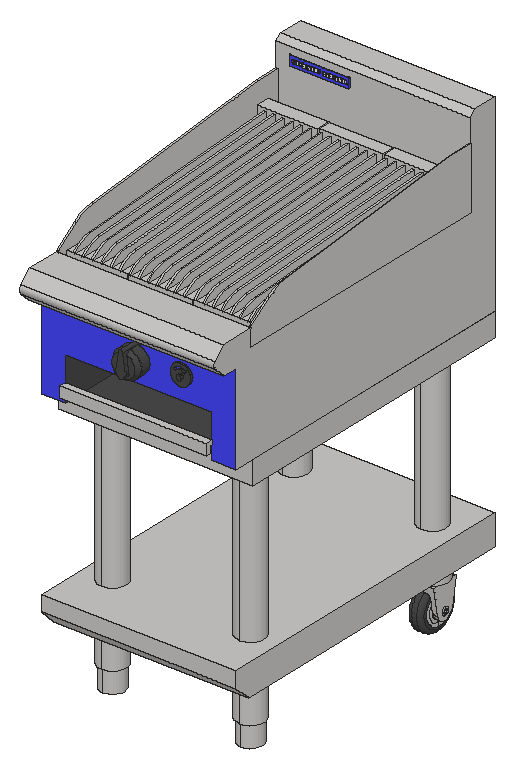
Revit family "QF_MOFFAT_BLUESEAL_AU_G593-LS", category Specialty Equipment, Revit 2012
Parameters
  Weight in Pounds = 217  # constant formula
  URL Cutsheet = "www.moffat.com"
  URL = "www.moffat.com"
  Type Mark [instance] = ""
  Status [instance] = ""
  Specification by User [instance] = ""
  Specification by Manufacturer = ""
  Show Logo [instance] = yes
  Show Casters [instance] = yes
  Serial Number = ""
  Seismic Rating = ""
  SMACNA No = ""
  Revision Code [instance] = ""
  Omniclass Number and Title = ""
  NAFEM Spec ID Number = ""
  Model = "G593-LS"
  Mechanical Remarks [instance] = ""
  Mechanical Connection Type [instance] = ""
  Masterspec = ""
  Manufacturer = "MOFFAT BLUESEAL"
  Legs [instance] = not(Show Casters)  # no
  Item Number [instance] = ""
  Installed By [instance] = ""
  Identify Quantity as Lot [instance] = yes
  Gas Size = 3/4"
  Gas RI Height [instance] = 0 mm
  Gas KW [instance] = 14
  Gas Input [instance] = 45495.0 Btu/h
  Gas Connection Height = 0 mm
  Furnished By [instance] = ""
  Foodservice Equipment Identifier [instance] = yes
  Description = "450MM GAS CHARGRILL  ON LEG STAND"
  CSI MasterFormat = ""
  CSI Master Format = ""
  Body Finish = QF_Finishes_Stainless Steel
Reference planes
  plane 1 "BACK": y = 0
  plane 2: z = 0
  plane 3 "LEFT": x = 0
  plane 4 "RIGHT": x = 450
  plane 5 "FRONT": y = -812
  plane 6 "TOP": z = 972
  plane 7 "Center Y": x = 225
  plane 8 "Center X": y = -406
  plane 9: z = 970
  plane 10: z = 1085
  plane 11: y = -100
  plane 12: y = -625
  plane 13: x = 65.5
  plane 14: x = 384.5
Forms (mm)
  Extrusion 1, solid, material "QF_Finishes_Stainless Steel" <- "Body Finish"
    sketch origin (0, 0, 0) x (0, 1, 0) y (0, 0, 1)
      loop
        line (0, 222.5) -> (-749, 222.5) -> (-749, 186) -> (-713, 150) -> (0, 150) -> (0, 222.5)
      loop
        line (0, 640) -> (0, 1085) -> (-57.5, 1085) -> (-70, 1072.5) -> (-70, 875) -> (-705, 875) -> (-705, 915) -> (-783.97, 915) -> (-808.485, 890.485)
        arc (-808.485, 890.485) -> (-811.999, 882) -> (-808.485, 873.515) r 12
        line (-808.485, 873.515) -> (-784.97, 850) -> (-749, 850) -> (-749, 640) -> (0, 640)
      loop
        line (0, 585) -> (0, 639.206) -> (-699, 639.206) -> (-699, 585) -> (0, 585)
    from 0 to 450
  Revolve 2, solid, material "QF_Finishes_Stainless Steel" <- "Body Finish"
    sketch origin (385, -735, 0) x (0, 1, 0) y (0, 0, -1)
      loop
        line (78.25, -150) -> (110, -150) -> (110, 0) -> (82.5, 0) -> (82.5, -50) -> (78.25, -50) -> (78.25, -150)
      loop
        line (78.25, -222.5) -> (78.25, -585) -> (110, -585) -> (110, -222.5) -> (78.25, -222.5)
      axis (110, -585) -> (110, 0)
    angle from 0 to 360
  Revolve 3, solid, material "QF_Finishes_Stainless Steel" <- "Body Finish"
    sketch origin (385, -210, 0) x (0, 1, 0) y (0, 0, -1)
      loop
        line (78.25, -222.5) -> (78.25, -585) -> (110, -585) -> (110, -222.5) -> (78.25, -222.5)
      axis (110, -585) -> (110, -222.5)
    angle from 0 to 360
  Revolve 4, solid, material "QF_Finishes_Stainless Steel" <- "Body Finish"
    sketch origin (65, -735, 0) x (0, 1, 0) y (0, 0, 1)
      loop
        line (78.25, 150) -> (78.25, 50) -> (82.5, 50) -> (82.5, 0) -> (110, 0) -> (110, 150) -> (78.25, 150)
      loop
        line (78.25, 222.5) -> (110, 222.5) -> (110, 585) -> (78.25, 585) -> (78.25, 222.5)
      axis (110, 585) -> (110, 0)
    angle from 0 to 360
  Revolve 5, solid, material "QF_Finishes_Stainless Steel" <- "Body Finish"
    sketch origin (65, -210, 0) x (0, 1, 0) y (0, 0, 1)
      loop
        line (78.25, 222.5) -> (110, 222.5) -> (110, 585) -> (78.25, 585) -> (78.25, 222.5)
      axis (110, 585) -> (110, 222.5)
    angle from 0 to 360
  Extrusion 6, solid, material "QF_Finishes_Stainless Steel" <- "Body Finish"
    sketch origin (0, 0, 157.388) x (0, 1, 0) y (0, 0, 1)
      loop
        line (-70, 717) -> (-70, 860.112) -> (-127.045, 860.112) -> (-604.53, 814.135)
        arc (-604.53, 814.135) -> (-629.557, 808.415) -> (-652.303, 796.511) r 100
        line (-652.303, 796.511) -> (-705, 759.612) -> (-705, 717) -> (-70, 717)
    from 0 to 4.5
  Extrusion 7, solid, material "QF_Finishes_Stainless Steel" <- "Body Finish"
    sketch origin (450, 0, 0) x (0, -1, 0) y (0, 0, 1)
      loop
        line (70, 874.388) -> (705, 874.388) -> (705, 917) -> (652.303, 953.899)
        arc (652.303, 953.899) -> (629.557, 965.803) -> (604.53, 971.523) r 100
        line (604.53, 971.523) -> (127.045, 1017.5) -> (70, 1017.5) -> (70, 874.388)
    from 0 to 3
  Revolve 8, solid, material "QF_Finishes_Black"
    sketch origin (225, 7, 155.8) x (0, 1, 0) y (0, 0, 1)
      loop
        line (-789, 671.5) -> (-800, 665.651) -> (-800, 639) -> (-756, 639) -> (-756, 644) -> (-766, 644) -> (-766, 671.5) -> (-789, 671.5)
      axis (-800, 639) -> (-756, 639)
    angle from 0 to 360
  Extrusion 9, solid, material "QF_Finishes_Black"
    sketch origin (86.887, 7, 155.8) x (1, 0, 0) y (0, 0, 1)
      loop
        line (148.532, 628.195) -> (143.111, 671.113)
        arc (143.111, 671.113) -> (138.113, 676) -> (133.114, 671.113) r 5
        line (133.114, 671.113) -> (127.625, 627.028)
        arc (127.625, 627.028) -> (138.697, 616.529) -> (148.532, 628.195) r 10.487
    from 759 to 808
  Extrusion 10, solid, material "QF_Finishes_Stainless Steel"
    sketch origin (276, 0, 158) x (0, 1, 0) y (0, 0, 1)
      loop
        line (-132, 752.364) -> (-132, 804.849) -> (-637.852, 774.53)
        arc (-637.852, 774.53) -> (-663.098, 767.97) -> (-684, 752.364) r 67.81
        line (-684, 752.364) -> (-132, 752.364)
    from 0 to 4.5
  Extrusion 11, solid, material "QF_Finishes_Stainless Steel"
    sketch origin (255, 0, 158) x (0, 1, 0) y (0, 0, 1)
      loop
        line (-132, 752.364) -> (-132, 804.849) -> (-637.852, 774.53)
        arc (-637.852, 774.53) -> (-663.098, 767.97) -> (-684, 752.364) r 67.81
        line (-684, 752.364) -> (-132, 752.364)
    from 0 to 4.5
  Extrusion 12, solid, material "QF_Finishes_Stainless Steel"
    sketch origin (234, 0, 158) x (0, 1, 0) y (0, 0, 1)
      loop
        line (-132, 752.364) -> (-132, 804.849) -> (-637.852, 774.53)
        arc (-637.852, 774.53) -> (-663.098, 767.97) -> (-684, 752.364) r 67.81
        line (-684, 752.364) -> (-132, 752.364)
    from 0 to 4.5
  Extrusion 13, solid, material "QF_Finishes_Stainless Steel"
    sketch origin (213, 0, 158) x (0, 1, 0) y (0, 0, 1)
      loop
        line (-132, 752.364) -> (-132, 804.849) -> (-637.852, 774.53)
        arc (-637.852, 774.53) -> (-663.098, 767.97) -> (-684, 752.364) r 67.81
        line (-684, 752.364) -> (-132, 752.364)
    from 0 to 4.5
  Extrusion 14, solid, material "QF_Finishes_Stainless Steel"
    sketch origin (192, 0, 158) x (0, 1, 0) y (0, 0, 1)
      loop
        line (-132, 752.364) -> (-132, 804.849) -> (-637.852, 774.53)
        arc (-637.852, 774.53) -> (-663.098, 767.97) -> (-684, 752.364) r 67.81
        line (-684, 752.364) -> (-132, 752.364)
    from 0 to 4.5
  Extrusion 15, solid, material "QF_Finishes_Stainless Steel"
    sketch origin (171, 0, 158) x (0, 1, 0) y (0, 0, 1)
      loop
        line (-132, 752.364) -> (-132, 804.849) -> (-637.852, 774.53)
        arc (-637.852, 774.53) -> (-663.098, 767.97) -> (-684, 752.364) r 67.81
        line (-684, 752.364) -> (-132, 752.364)
    from 0 to 4.5
  Extrusion 16, solid, material "QF_Finishes_Stainless Steel"
    sketch origin (150, 0, 158) x (0, 1, 0) y (0, 0, 1)
      loop
        line (-132, 752.364) -> (-132, 804.849) -> (-637.852, 774.53)
        arc (-637.852, 774.53) -> (-663.098, 767.97) -> (-684, 752.364) r 67.81
        line (-684, 752.364) -> (-132, 752.364)
    from 0 to 4.5
  Extrusion 17, solid, material "QF_Finishes_Stainless Steel"
    sketch origin (126, 0, 158) x (0, 1, 0) y (0, 0, 1)
      loop
        line (-132, 752.364) -> (-132, 804.849) -> (-637.852, 774.53)
        arc (-637.852, 774.53) -> (-663.098, 767.97) -> (-684, 752.364) r 67.81
        line (-684, 752.364) -> (-132, 752.364)
    from 0 to 4.5
  Extrusion 18, solid, material "QF_Finishes_Stainless Steel"
    sketch origin (105, 0, 158) x (0, 1, 0) y (0, 0, 1)
      loop
        line (-132, 752.364) -> (-132, 804.849) -> (-637.852, 774.53)
        arc (-637.852, 774.53) -> (-663.098, 767.97) -> (-684, 752.364) r 67.81
        line (-684, 752.364) -> (-132, 752.364)
    from 0 to 4.5
  Extrusion 19, solid, material "QF_Finishes_Stainless Steel"
    sketch origin (84, 0, 158) x (0, 1, 0) y (0, 0, 1)
      loop
        line (-132, 752.364) -> (-132, 804.849) -> (-637.852, 774.53)
        arc (-637.852, 774.53) -> (-663.098, 767.97) -> (-684, 752.364) r 67.81
        line (-684, 752.364) -> (-132, 752.364)
    from 0 to 4.5
  Extrusion 20, solid, material "QF_Finishes_Stainless Steel"
    sketch origin (63, 0, 158) x (0, 1, 0) y (0, 0, 1)
      loop
        line (-132, 752.364) -> (-132, 804.849) -> (-637.852, 774.53)
        arc (-637.852, 774.53) -> (-663.098, 767.97) -> (-684, 752.364) r 67.81
        line (-684, 752.364) -> (-132, 752.364)
    from 0 to 4.5
  Extrusion 21, solid, material "QF_Finishes_Stainless Steel"
    sketch origin (42, 0, 158) x (0, 1, 0) y (0, 0, 1)
      loop
        line (-132, 752.364) -> (-132, 804.849) -> (-637.852, 774.53)
        arc (-637.852, 774.53) -> (-663.098, 767.97) -> (-684, 752.364) r 67.81
        line (-684, 752.364) -> (-132, 752.364)
    from 0 to 4.5
  Extrusion 22, solid, material "QF_Finishes_Stainless Steel"
    sketch origin (21, 0, 158) x (0, 1, 0) y (0, 0, 1)
      loop
        line (-132, 752.364) -> (-132, 804.849) -> (-637.852, 774.53)
        arc (-637.852, 774.53) -> (-663.098, 767.97) -> (-684, 752.364) r 67.81
        line (-684, 752.364) -> (-132, 752.364)
    from 0 to 4.5
  Extrusion 23, solid, material "QF_Finishes_Stainless Steel"
    sketch origin (426, 0, 158) x (0, 1, 0) y (0, 0, 1)
      loop
        line (-132, 752.364) -> (-132, 804.849) -> (-637.852, 774.53)
        arc (-637.852, 774.53) -> (-663.098, 767.97) -> (-684, 752.364) r 67.81
        line (-684, 752.364) -> (-132, 752.364)
    from 0 to 4.5
  Extrusion 24, solid, material "QF_Finishes_Stainless Steel"
    sketch origin (405, 0, 158) x (0, 1, 0) y (0, 0, 1)
      loop
        line (-132, 752.364) -> (-132, 804.849) -> (-637.852, 774.53)
        arc (-637.852, 774.53) -> (-663.098, 767.97) -> (-684, 752.364) r 67.81
        line (-684, 752.364) -> (-132, 752.364)
    from 0 to 4.5
  Extrusion 25, solid, material "QF_Finishes_Stainless Steel"
    sketch origin (384, 0, 158) x (0, 1, 0) y (0, 0, 1)
      loop
        line (-132, 752.364) -> (-132, 804.849) -> (-637.852, 774.53)
        arc (-637.852, 774.53) -> (-663.098, 767.97) -> (-684, 752.364) r 67.81
        line (-684, 752.364) -> (-132, 752.364)
    from 0 to 4.5
  Extrusion 26, solid, material "QF_Finishes_Stainless Steel"
    sketch origin (363, 0, 158) x (0, 1, 0) y (0, 0, 1)
      loop
        line (-132, 752.364) -> (-132, 804.849) -> (-637.852, 774.53)
        arc (-637.852, 774.53) -> (-663.098, 767.97) -> (-684, 752.364) r 67.81
        line (-684, 752.364) -> (-132, 752.364)
    from 0 to 4.5
  Extrusion 27, solid, material "QF_Finishes_Stainless Steel"
    sketch origin (342, 0, 158) x (0, 1, 0) y (0, 0, 1)
      loop
        line (-132, 752.364) -> (-132, 804.849) -> (-637.852, 774.53)
        arc (-637.852, 774.53) -> (-663.098, 767.97) -> (-684, 752.364) r 67.81
        line (-684, 752.364) -> (-132, 752.364)
    from 0 to 4.5
  Extrusion 28, solid, material "QF_Finishes_Stainless Steel"
    sketch origin (321, 0, 158) x (0, 1, 0) y (0, 0, 1)
      loop
        line (-132, 752.364) -> (-132, 804.849) -> (-637.852, 774.53)
        arc (-637.852, 774.53) -> (-663.098, 767.97) -> (-684, 752.364) r 67.81
        line (-684, 752.364) -> (-132, 752.364)
    from 0 to 4.5
  Extrusion 29, solid, material "QF_Finishes_Stainless Steel"
    sketch origin (300, 0, 158) x (0, 1, 0) y (0, 0, 1)
      loop
        line (-132, 752.364) -> (-132, 804.849) -> (-637.852, 774.53)
        arc (-637.852, 774.53) -> (-663.098, 767.97) -> (-684, 752.364) r 67.81
        line (-684, 752.364) -> (-132, 752.364)
    from 0 to 4.5
  Extrusion 30, solid, material "QF_Finishes_Stainless Steel"
    sketch origin (0, 3, 0) x (1, 0, 0) y (0, 1, 0)
      loop
        circle (216, -35) r 13.5
    from 555 to 585
  Extrusion 31, solid, material "QF_Finishes_Stainless Steel"
    sketch origin (0, 0, 158) x (0, 1, 0) y (0, 0, 1)
      loop
        line (-132, 752.364) -> (-684, 752.364) -> (-684, 717) -> (-102, 717) -> (-102, 812) -> (-132, 812) -> (-132, 752.364)
    from 4.5 to 147
  Extrusion 32, solid, material "QF_Finishes_Stainless Steel"
    sketch origin (145.5, 0, 158) x (0, 1, 0) y (0, 0, 1)
      loop
        line (-132, 752.364) -> (-684, 752.364) -> (-684, 717) -> (-102, 717) -> (-102, 812) -> (-132, 812) -> (-132, 752.364)
    from 4.5 to 151.5
  Extrusion 33, solid, material "QF_Finishes_Stainless Steel"
    sketch origin (295.5, 0, 158) x (0, 1, 0) y (0, 0, 1)
      loop
        line (-132, 752.364) -> (-684, 752.364) -> (-684, 717) -> (-102, 717) -> (-102, 812) -> (-132, 812) -> (-132, 752.364)
    from 4.5 to 151.5
  Extrusion 34, solid, material "QF_Finishes_Black"
    sketch origin (0, -749, 850) x (0, 0, -1) y (1, 0, 0)
      loop
        circle (55.799, 325) r 23.9
      loop
        arc (48.44, 333.419) -> (49.3, 338.219) -> (44.5, 339.079) r 3.448
        arc (44.5, 339.079) -> (37.915, 324.341) -> (45.718, 310.209) r 18.095
        arc (45.718, 310.209) -> (50.44, 311.491) -> (49.125, 316.204) r 3.448
        arc (49.125, 316.204) -> (45.557, 324.683) -> (48.44, 333.419) r 13.109
    from 0 to 4
  Extrusion 35, solid, material "QF_Finishes_Black"
    sketch origin (0, -753, 850) x (0, 0, -1) y (1, 0, 0)
      loop
        circle (59.299, 325) r 5.75
    from 0 to 5
  Extrusion 36, void
    sketch origin (0, -749, 850) x (0, 0, 1) y (1, 0, 0)
      loop
        line (-210, 395) -> (-210, 55) -> (-110, 55) -> (-110, 395) -> (-210, 395)
    from 0 to 250
  Extrusion 37, solid, material "QF_Finishes_Stainless Steel"
    sketch origin (55, -749, 150) x (0, 0, 1) y (0, -1, 0)
      loop
        line (506.797, 15.924) -> (506.797, 5.924) -> (521.797, 5.924) -> (521.797, -31.346) -> (490, -31.346) -> (490, -50) -> (531.797, -50) -> (531.797, 15.924) -> (506.797, 15.924)
    from 0 to 340
  Revolve 38, solid, material "QF_Finishes_Stainless Steel", visible <- "Legs"
    sketch origin (65.5, -166, 0) x (0, 1, 0) y (0, 0, 1)
      loop
        line (34.25, 150) -> (34.25, 50) -> (38.5, 50) -> (38.5, 0) -> (66, 0) -> (66, 150) -> (34.25, 150)
      axis (66, 150) -> (66, 0)
    angle from 0 to 360
  Revolve 39, solid, material "QF_Finishes_Stainless Steel", visible <- "Legs"
    sketch origin (384.5, -166, 0) x (0, 1, 0) y (0, 0, -1)
      loop
        line (34.25, -150) -> (66, -150) -> (66, 0) -> (38.5, 0) -> (38.5, -50) -> (34.25, -50) -> (34.25, -150)
      axis (66, -150) -> (66, 0)
    angle from 0 to 360
  Revolve 40, solid, material "QF_Finishes_Stainless Steel", visible <- "Show Casters"
    sketch origin (16.276, -100.755, -13.653) x (1, 0, 0) y (0, 0, 1)
      loop
        line (14.841, 63.604) -> (83.584, 63.604) -> (83.584, 67.109) -> (82.314, 68.379) -> (80.79, 68.379) -> (80.79, 71.826) -> (68.644, 71.826) -> (68.644, 81.79) -> (65.088, 83.843) -> (63.738, 92.179) -> (65.881, 92.179) -> (65.881, 98.529) -> (65.088, 98.529) -> (65.088, 104.879)
        arc (65.088, 104.879) -> (62.298, 111.614) -> (55.563, 114.404) r 9.525
        line (55.563, 114.404) -> (42.863, 114.404)
        arc (42.863, 114.404) -> (36.127, 111.614) -> (33.338, 104.879) r 9.525
        line (33.338, 104.879) -> (33.338, 98.529) -> (32.544, 98.529) -> (32.544, 92.179) -> (34.687, 92.179) -> (33.352, 83.932) -> (29.782, 81.871) -> (29.782, 71.826) -> (17.635, 71.826) -> (17.635, 68.379) -> (16.111, 68.379) -> (14.841, 67.109) -> (14.841, 63.604)
      axis (14.841, 63.604) -> (83.584, 63.604)
    angle from 0 to 360
  Extrusion 41, solid, material "QF_Finishes_Stainless Steel", visible <- "Show Casters"
    sketch origin (72.001, 132.353, -8.783) x (0, 1, 0) y (0, 0, 1)
      loop
        line (-200.603, 118.783) -> (-264.103, 118.783) -> (-251.746, 53.895)
        arc (-251.746, 53.895) -> (-232.353, 38.783) -> (-212.959, 53.895) r 20
        line (-212.959, 53.895) -> (-200.603, 118.783)
    from -35.667 to 22.923
  Revolve 42, solid, material "QF_Finishes_Stainless Steel", visible <- "Show Casters"
    sketch origin (65.5, -204, 0) x (0, 1, 0) y (0, 0, 1)
      loop
        line (68.25, 150) -> (68.25, 110) -> (104, 110) -> (104, 150) -> (68.25, 150)
      axis (104, 150) -> (104, 110)
    angle from 0 to 360
  Revolve 43, solid, material "QF_Finishes_Stainless Steel", visible <- "Legs"
    sketch origin (65.5, -166, 0) x (0, 1, 0) y (0, 0, 1)
      loop
        line (34.25, 150) -> (34.25, 50) -> (38.5, 50) -> (38.5, 0) -> (66, 0) -> (66, 150) -> (34.25, 150)
      axis (66, 150) -> (66, 0)
    angle from 0 to 360
  Revolve 44, solid, material "QF_Finishes_Stainless Steel", visible <- "Show Casters"
    sketch origin (335.276, -100.755, -13.653) x (1, 0, 0) y (0, 0, 1)
      loop
        line (14.841, 63.604) -> (83.584, 63.604) -> (83.584, 67.109) -> (82.314, 68.379) -> (80.79, 68.379) -> (80.79, 71.826) -> (68.644, 71.826) -> (68.644, 81.79) -> (65.088, 83.843) -> (63.738, 92.179) -> (65.881, 92.179) -> (65.881, 98.529) -> (65.088, 98.529) -> (65.088, 104.879)
        arc (65.088, 104.879) -> (62.298, 111.614) -> (55.563, 114.404) r 9.525
        line (55.563, 114.404) -> (42.863, 114.404)
        arc (42.863, 114.404) -> (36.127, 111.614) -> (33.338, 104.879) r 9.525
        line (33.338, 104.879) -> (33.338, 98.529) -> (32.544, 98.529) -> (32.544, 92.179) -> (34.687, 92.179) -> (33.352, 83.932) -> (29.782, 81.871) -> (29.782, 71.826) -> (17.635, 71.826) -> (17.635, 68.379) -> (16.111, 68.379) -> (14.841, 67.109) -> (14.841, 63.604)
      axis (14.841, 63.604) -> (83.584, 63.604)
    angle from 0 to 360
  Extrusion 45, solid, material "QF_Finishes_Stainless Steel", visible <- "Show Casters"
    sketch origin (391.001, 132.353, -8.783) x (0, 1, 0) y (0, 0, 1)
      loop
        line (-200.603, 118.783) -> (-264.103, 118.783) -> (-251.746, 53.895)
        arc (-251.746, 53.895) -> (-232.353, 38.783) -> (-212.959, 53.895) r 20
        line (-212.959, 53.895) -> (-200.603, 118.783)
    from -35.667 to 22.923
  Revolve 46, solid, material "QF_Finishes_Stainless Steel", visible <- "Show Casters"
    sketch origin (384.5, -204, 0) x (0, 1, 0) y (0, 0, 1)
      loop
        line (68.25, 150) -> (68.25, 110) -> (104, 110) -> (104, 150) -> (68.25, 150)
      axis (104, 150) -> (104, 110)
    angle from 0 to 360
Cuts and joins
  Extrusion 36 cuts Extrusion 37
  Extrusion 36 cuts Extrusion 1
Lines and regions (mm)
  Split face 1
    outline origin (450, 0, 1085) x (-1, 0, 0) y (0, -1, 0)
      loop
        arc (24, 45.385) -> (15.34, 40.385) -> (15.34, 30.385) r 10
        line (15.34, 30.385) -> (19.381, 23.385)
        arc (19.381, 23.385) -> (23.041, 19.725) -> (28.041, 18.385) r 10
        line (28.041, 18.385) -> (106, 18.385)
        arc (106, 18.385) -> (114.66, 23.385) -> (114.66, 33.385) r 10
        line (114.66, 33.385) -> (110.619, 40.385)
        arc (110.619, 40.385) -> (106.959, 44.045) -> (101.959, 45.385) r 10
        line (101.959, 45.385) -> (24, 45.385)
  Split face 2
    outline origin (450, 0, 1085) x (-1, 0, 0) y (0, -1, 0)
      loop
        arc (174, 45.385) -> (165.34, 40.385) -> (165.34, 30.385) r 10
        line (165.34, 30.385) -> (169.381, 23.385)
        arc (169.381, 23.385) -> (173.041, 19.725) -> (178.041, 18.385) r 10
        line (178.041, 18.385) -> (406, 18.385)
        arc (406, 18.385) -> (414.66, 23.385) -> (414.66, 33.385) r 10
        line (414.66, 33.385) -> (410.619, 40.385)
        arc (410.619, 40.385) -> (406.959, 44.045) -> (401.959, 45.385) r 10
        line (401.959, 45.385) -> (174, 45.385)
  symbolic lines, style "SpecialityEquipmentHiddenLines", visible <- "Show Casters"
    curve 1: line (78.456, -46.735, 0) -> (105.952, -62.61, 0)
    curve 2: line (27.656, -134.723, 0) -> (78.456, -46.735, 0)
    curve 3: line (55.152, -150.598, 0) -> (27.656, -134.723, 0)
    curve 4: line (105.952, -62.61, 0) -> (55.152, -150.598, 0)
    curve 5: line (398.456, -46.735, 0) -> (425.952, -62.61, 0)
    curve 6: line (347.656, -134.723, 0) -> (398.456, -46.735, 0)
    curve 7: line (375.152, -150.598, 0) -> (347.656, -134.723, 0)
    curve 8: line (425.952, -62.61, 0) -> (375.152, -150.598, 0)
  symbolic lines
    curve 9: line (450, -811.999, 0) -> (0, -811.999, 0)
    curve 10: line (450, 0, 0) -> (450, -811.999, 0)
    curve 11: line (0, 0, 0) -> (450, 0, 0)
    curve 12: line (0, -811.999, 0) -> (0, 0, 0)
    curve 13: line (348.041, -45.385, 0) -> (426, -45.385, 0)
    curve 14: arc (426, -45.385, 0) -> (434.66, -40.385, 0) -> (434.66, -30.385, 0) r 10
    curve 15: line (434.66, -30.385, 0) -> (430.619, -23.385, 0)
    curve 16: arc (430.619, -23.385, 0) -> (426.959, -19.725, 0) -> (421.959, -18.385, 0) r 10
    curve 17: line (421.959, -18.385, 0) -> (344, -18.385, 0)
    curve 18: arc (344, -18.385, 0) -> (335.34, -23.385, 0) -> (335.34, -33.385, 0) r 10
    curve 19: line (335.34, -33.385, 0) -> (339.381, -40.385, 0)
    curve 20: arc (339.381, -40.385, 0) -> (343.041, -44.045, 0) -> (348.041, -45.385, 0) r 10
    curve 21: line (48.041, -45.385, 0) -> (276, -45.385, 0)
    curve 22: arc (276, -45.385, 0) -> (284.66, -40.385, 0) -> (284.66, -30.385, 0) r 10
    curve 23: line (284.66, -30.385, 0) -> (280.619, -23.385, 0)
    curve 24: arc (280.619, -23.385, 0) -> (276.959, -19.725, 0) -> (271.959, -18.385, 0) r 10
    curve 25: line (271.959, -18.385, 0) -> (44, -18.385, 0)
    curve 26: arc (44, -18.385, 0) -> (35.34, -23.385, 0) -> (35.34, -33.385, 0) r 10
    curve 27: line (35.34, -33.385, 0) -> (39.381, -40.385, 0)
    curve 28: arc (39.381, -40.385, 0) -> (43.041, -44.045, 0) -> (48.041, -45.385, 0) r 10
    curve 29: line (0, -57.5, 0) -> (450, -57.5, 0)
    curve 30: line (0, -70, 0) -> (450, -70, 0)
    curve 31: line (4.5, -705, 0) -> (4.5, -70, 0)
    curve 32: line (297, -102, 0) -> (150, -102, 0)
    curve 33: line (147, -102, 0) -> (4.5, -102, 0)
    curve 34: line (447, -102, 0) -> (300, -102, 0)
    curve 35: line (447, -70, 0) -> (447, -705, 0)
    curve 36: line (300, -132, 0) -> (447, -132, 0)
    curve 37: line (150, -132, 0) -> (297, -132, 0)
    curve 38: line (4.5, -132, 0) -> (147, -132, 0)
    curve 39: line (147, -684, 0) -> (147, -102, 0)
    curve 40: line (150, -102, 0) -> (150, -684, 0)
    curve 41: line (297, -684, 0) -> (297, -102, 0)
    curve 42: line (300, -102, 0) -> (300, -684, 0)
    curve 43: line (450, -705, 0) -> (0, -705, 0)
    curve 44: line (300, -684, 0) -> (447, -684, 0)
    curve 45: line (150, -684, 0) -> (297, -684, 0)
    curve 46: line (4.5, -684, 0) -> (147, -684, 0)
    curve 47: line (0, -783.97, 0) -> (450, -783.97, 0)
    curve 48: line (25.5, -684, 0) -> (25.5, -132, 0)
    curve 49: line (46.5, -684, 0) -> (46.5, -132, 0)
    curve 50: line (67.5, -684, 0) -> (67.5, -132, 0)
    curve 51: line (88.5, -684, 0) -> (88.5, -132, 0)
    curve 52: line (109.5, -684, 0) -> (109.5, -132, 0)
    curve 53: line (130.5, -684, 0) -> (130.5, -132, 0)
    curve 54: line (154.5, -684, 0) -> (154.5, -132, 0)
    curve 55: line (175.5, -684, 0) -> (175.5, -132, 0)
    curve 56: line (196.5, -684, 0) -> (196.5, -132, 0)
    curve 57: line (217.5, -684, 0) -> (217.5, -132, 0)
    curve 58: line (238.5, -684, 0) -> (238.5, -132, 0)
    curve 59: line (259.5, -684, 0) -> (259.5, -132, 0)
    curve 60: line (280.5, -684, 0) -> (280.5, -132, 0)
    curve 61: line (304.5, -684, 0) -> (304.5, -132, 0)
    curve 62: line (325.5, -684, 0) -> (325.5, -132, 0)
    curve 63: line (346.5, -684, 0) -> (346.5, -132, 0)
    curve 64: line (367.5, -684, 0) -> (367.5, -132, 0)
    curve 65: line (388.5, -684, 0) -> (388.5, -132, 0)
    curve 66: line (409.5, -684, 0) -> (409.5, -132, 0)
    curve 67: line (430.5, -684, 0) -> (430.5, -132, 0)
Dimensions and locks
  equal spacing: plane 3 "LEFT", plane 7 "Center Y", plane 4 "RIGHT"
  plane 3 "LEFT" to plane 4 "RIGHT" = 450 mm
  equal spacing: plane 5 "FRONT", plane 8 "Center X", plane 1 "BACK"
  plane 5 "FRONT" to plane 1 "BACK" = 812 mm  (x2)
  equal spacing: plane 4 "RIGHT", plane 7 "Center Y", plane 3 "LEFT"
  plane 4 "RIGHT" to plane 3 "LEFT" = 450 mm
  plane 9 to level = 970 mm
  plane 10 to plane 2 = 1085 mm  (x2)
  Revolve 40 sketch curve to Revolve 40 sketch curve = 50.8 mm
  Revolve 44 sketch curve to Revolve 44 sketch curve = 50.8 mm
  plane 13 to plane 14 = 319 mm
  cut or joined group of Extrusion 1, Extrusion 36 to plane 2 = 915 mm
  plane 2 to Extrusion 30 = 555 mm
  plane 2 to cut or joined group of Extrusion 1, Extrusion 36 = 150 mm
  plane 11 to plane 12 = 525 mm
  plane 1 "BACK" to plane 11 = 100 mm
  Extrusion 30 sketch curve to plane 1 "BACK" = 32 mm
  aligned and locked: level to plane 2
Automatic sketch dimensions
  Extrusion 1 sketch curve to plane 10 = 0 mm
  Extrusion 1 sketch curve to plane 1 "BACK" = 0 mm  (x3)
  Extrusion 1 sketch curve to plane 11 = 42.5 mm
  Extrusion 1 sketch curve to plane 10 = 12.5 mm
  Extrusion 1 sketch curve to Extrusion 1 sketch curve = 12.5 mm
  plane 12 to Extrusion 1 sketch curve = 74 mm
  plane 12 to Extrusion 1 sketch curve = 80 mm
  plane 12 to Extrusion 1 sketch curve = 88 mm
  Extrusion 1 sketch curve to Extrusion 1 sketch curve = 50 mm
  Extrusion 1 sketch curve to Extrusion 1 sketch curve = 36 mm
  Extrusion 1 sketch curve to plane 5 "FRONT" = 28.03 mm
  Extrusion 1 sketch curve to plane 5 "FRONT" = 27.03 mm
  Extrusion 1 sketch curve to plane 5 "FRONT" = 12.001 mm
  Extrusion 1 sketch curve to plane 5 "FRONT" = 3.515 mm  (x2)
  plane 9 to Extrusion 1 sketch curve = 55 mm
  Extrusion 1 sketch curve to Extrusion 1 sketch curve = 24.515 mm
  Extrusion 1 sketch curve to Extrusion 1 sketch curve = 8.485 mm
  plane 9 to Extrusion 1 sketch curve = 95 mm
  Extrusion 1 sketch curve to Extrusion 1 sketch curve = 23.515 mm
  Extrusion 1 sketch curve to Extrusion 1 sketch curve = 210 mm
  Extrusion 1 sketch curve to Extrusion 1 sketch curve = 0.794 mm
  Extrusion 1 sketch curve to Extrusion 1 sketch curve = 54.206 mm
  level to Extrusion 1 sketch curve = 222.5 mm
  Extrusion 1 sketch curve to Extrusion 1 sketch curve = 36.5 mm
  Extrusion 1 sketch curve to Extrusion 1 sketch curve = 72.5 mm
  Revolve 2 sketch curve to level = 0 mm
  Revolve 2 sketch curve to plane 12 = 0 mm  (x3)
  Revolve 2 sketch curve to Revolve 2 sketch curve = 27.5 mm
  Revolve 2 sketch curve to Revolve 2 sketch curve = 31.75 mm  (x2)
  level to Revolve 2 sketch curve = 50 mm
  Revolve 2 sketch curve to Revolve 2 sketch curve = 0 mm
  Revolve 2 sketch curve to Revolve 2 sketch curve = 100 mm
  Revolve 2 sketch curve to Revolve 2 sketch curve = 72.5 mm
  Revolve 2 sketch curve to Revolve 2 sketch curve = 362.5 mm
  Revolve 2 sketch curve to Revolve 2 sketch curve = 55 mm
  Revolve 3 sketch curve to plane 11 = 0 mm  (x2)
  plane 11 to Revolve 3 sketch curve = 31.75 mm
  plane 9 to Revolve 3 sketch curve = 385 mm
  level to Revolve 3 sketch curve = 222.5 mm
  level to Revolve 3 sketch curve = 50 mm
  Revolve 3 sketch curve to level = 55 mm
  Revolve 4 sketch curve to level = 0 mm
  Revolve 4 sketch curve to plane 12 = 0 mm  (x3)
  Revolve 4 sketch curve to Revolve 4 sketch curve = 27.5 mm
  Revolve 4 sketch curve to Revolve 4 sketch curve = 31.75 mm  (x2)
  Revolve 4 sketch curve to Revolve 4 sketch curve = 55 mm
  level to Revolve 4 sketch curve = 50 mm
  Revolve 4 sketch curve to Revolve 4 sketch curve = 0 mm
  Revolve 4 sketch curve to Revolve 4 sketch curve = 100 mm
  Revolve 4 sketch curve to Revolve 4 sketch curve = 72.5 mm
  Revolve 4 sketch curve to Revolve 4 sketch curve = 362.5 mm
  Revolve 5 sketch curve to plane 11 = 0 mm  (x2)
  plane 11 to Revolve 5 sketch curve = 31.75 mm
  Revolve 5 sketch curve to level = 55 mm
  level to Revolve 5 sketch curve = 50 mm
  Revolve 5 sketch curve to Revolve 5 sketch curve = 172.5 mm
  Revolve 5 sketch curve to Revolve 5 sketch curve = 362.5 mm
  plane 12 to Extrusion 6 sketch curve = 80 mm
  plane 12 to Extrusion 6 sketch curve = 27.303 mm
  Extrusion 6 sketch curve to plane 6 "TOP" = 0.477 mm
  Extrusion 6 sketch curve to plane 12 = 20.47 mm
  Extrusion 6 sketch curve to plane 12 = 30.055 mm
  plane 11 to Extrusion 6 sketch curve = 27.045 mm
  Extrusion 6 sketch curve to plane 11 = 30 mm
  Extrusion 6 sketch curve to plane 6 "TOP" = 18.101 mm
  plane 9 to Extrusion 6 sketch curve = 53 mm
  plane 9 to Extrusion 6 sketch curve = 95.612 mm
  plane 6 "TOP" to Extrusion 6 sketch curve = 45.5 mm
  Revolve 8 sketch curve to plane 5 "FRONT" = 19 mm
  Revolve 8 sketch curve to Revolve 8 sketch curve = 0 mm  (x2)
  Revolve 8 sketch curve to Revolve 8 sketch curve = 11 mm
  Revolve 8 sketch curve to Revolve 8 sketch curve = 12.7 mm
  Revolve 8 sketch curve to Revolve 8 sketch curve = 23 mm
  Revolve 8 sketch curve to Revolve 8 sketch curve = 10 mm
  plane 9 to Revolve 8 sketch curve = 175.2 mm
  Revolve 8 sketch curve to Revolve 8 sketch curve = 5 mm
  Revolve 8 sketch curve to Revolve 8 sketch curve = 26.651 mm
  Revolve 8 sketch curve to Revolve 8 sketch curve = 5.849 mm
  plane 3 "LEFT" to Extrusion 9 sketch curve = 214.513 mm
  Extrusion 9 sketch curve to Extrusion 9 sketch curve = 5.489 mm
  Extrusion 9 sketch curve to Extrusion 9 sketch curve = 4.999 mm  (x2)
  Extrusion 9 sketch curve to Extrusion 9 sketch curve = 10.487 mm
  Extrusion 9 sketch curve to Extrusion 9 sketch curve = 10.419 mm
  plane 9 to Extrusion 9 sketch curve = 187.2 mm
  Extrusion 9 sketch curve to Extrusion 9 sketch curve = 0.028 mm
  Extrusion 9 sketch curve to Extrusion 9 sketch curve = 44 mm
  Extrusion 9 sketch curve to Extrusion 9 sketch curve = 0.113 mm
  plane 12 to Extrusion 10 sketch curve = 59 mm
  plane 12 to Extrusion 10 sketch curve = 12.852 mm
  plane 12 to Extrusion 10 sketch curve = 8.738 mm
  plane 11 to Extrusion 10 sketch curve = 32 mm
  plane 9 to Extrusion 10 sketch curve = 105.155 mm
  plane 9 to Extrusion 10 sketch curve = 59.636 mm
  plane 9 to Extrusion 10 sketch curve = 7.151 mm
  plane 12 to Extrusion 11 sketch curve = 59 mm
  plane 12 to Extrusion 11 sketch curve = 12.852 mm
  plane 12 to Extrusion 11 sketch curve = 8.738 mm
  plane 11 to Extrusion 11 sketch curve = 32 mm
  plane 9 to Extrusion 11 sketch curve = 105.155 mm
  plane 9 to Extrusion 11 sketch curve = 59.636 mm
  plane 9 to Extrusion 11 sketch curve = 7.151 mm
  plane 12 to Extrusion 12 sketch curve = 59 mm
  plane 12 to Extrusion 12 sketch curve = 12.852 mm
  plane 12 to Extrusion 12 sketch curve = 8.738 mm
  plane 11 to Extrusion 12 sketch curve = 32 mm
  plane 9 to Extrusion 12 sketch curve = 105.155 mm
  plane 9 to Extrusion 12 sketch curve = 59.636 mm
  plane 9 to Extrusion 12 sketch curve = 7.151 mm
  plane 12 to Extrusion 13 sketch curve = 59 mm
  plane 12 to Extrusion 13 sketch curve = 12.852 mm
  plane 12 to Extrusion 13 sketch curve = 8.738 mm
  plane 11 to Extrusion 13 sketch curve = 32 mm
  plane 9 to Extrusion 13 sketch curve = 105.155 mm
  plane 9 to Extrusion 13 sketch curve = 59.636 mm
  plane 9 to Extrusion 13 sketch curve = 7.151 mm
  plane 12 to Extrusion 14 sketch curve = 59 mm
  plane 12 to Extrusion 14 sketch curve = 12.852 mm
  plane 12 to Extrusion 14 sketch curve = 8.738 mm
  plane 11 to Extrusion 14 sketch curve = 32 mm
  plane 9 to Extrusion 14 sketch curve = 105.155 mm
  plane 9 to Extrusion 14 sketch curve = 59.636 mm
  plane 9 to Extrusion 14 sketch curve = 7.151 mm
  plane 12 to Extrusion 15 sketch curve = 59 mm
  plane 12 to Extrusion 15 sketch curve = 12.852 mm
  plane 12 to Extrusion 15 sketch curve = 8.738 mm
  plane 11 to Extrusion 15 sketch curve = 32 mm
  plane 9 to Extrusion 15 sketch curve = 105.155 mm
  plane 9 to Extrusion 15 sketch curve = 59.636 mm
  plane 9 to Extrusion 15 sketch curve = 7.151 mm
  plane 12 to Extrusion 16 sketch curve = 59 mm
  plane 12 to Extrusion 16 sketch curve = 12.852 mm
  plane 12 to Extrusion 16 sketch curve = 8.738 mm
  plane 11 to Extrusion 16 sketch curve = 32 mm
  plane 9 to Extrusion 16 sketch curve = 105.155 mm
  plane 9 to Extrusion 16 sketch curve = 59.636 mm
  plane 9 to Extrusion 16 sketch curve = 7.151 mm
  plane 12 to Extrusion 17 sketch curve = 59 mm
  plane 12 to Extrusion 17 sketch curve = 12.852 mm
  plane 12 to Extrusion 17 sketch curve = 8.738 mm
  plane 11 to Extrusion 17 sketch curve = 32 mm
  plane 9 to Extrusion 17 sketch curve = 105.155 mm
  plane 9 to Extrusion 17 sketch curve = 59.636 mm
  plane 9 to Extrusion 17 sketch curve = 7.151 mm
  plane 12 to Extrusion 18 sketch curve = 59 mm
  plane 12 to Extrusion 18 sketch curve = 12.852 mm
  plane 12 to Extrusion 18 sketch curve = 8.738 mm
  plane 11 to Extrusion 18 sketch curve = 32 mm
  plane 9 to Extrusion 18 sketch curve = 105.155 mm
  plane 9 to Extrusion 18 sketch curve = 59.636 mm
  plane 9 to Extrusion 18 sketch curve = 7.151 mm
  plane 12 to Extrusion 19 sketch curve = 59 mm
  plane 12 to Extrusion 19 sketch curve = 12.852 mm
  plane 12 to Extrusion 19 sketch curve = 8.738 mm
  plane 11 to Extrusion 19 sketch curve = 32 mm
  plane 9 to Extrusion 19 sketch curve = 105.155 mm
  plane 9 to Extrusion 19 sketch curve = 59.636 mm
  plane 9 to Extrusion 19 sketch curve = 7.151 mm
  plane 12 to Extrusion 20 sketch curve = 59 mm
  plane 12 to Extrusion 20 sketch curve = 12.852 mm
  plane 12 to Extrusion 20 sketch curve = 8.738 mm
  plane 11 to Extrusion 20 sketch curve = 32 mm
  plane 9 to Extrusion 20 sketch curve = 105.155 mm
  plane 9 to Extrusion 20 sketch curve = 59.636 mm
  plane 9 to Extrusion 20 sketch curve = 7.151 mm
  plane 12 to Extrusion 21 sketch curve = 59 mm
  plane 12 to Extrusion 21 sketch curve = 12.852 mm
  plane 12 to Extrusion 21 sketch curve = 8.738 mm
  plane 11 to Extrusion 21 sketch curve = 32 mm
  plane 9 to Extrusion 21 sketch curve = 105.155 mm
  plane 9 to Extrusion 21 sketch curve = 59.636 mm
  plane 9 to Extrusion 21 sketch curve = 7.151 mm
  plane 12 to Extrusion 22 sketch curve = 59 mm
  plane 12 to Extrusion 22 sketch curve = 12.852 mm
  plane 12 to Extrusion 22 sketch curve = 8.738 mm
  plane 11 to Extrusion 22 sketch curve = 32 mm
  plane 9 to Extrusion 22 sketch curve = 105.155 mm
  plane 9 to Extrusion 22 sketch curve = 59.636 mm
  plane 9 to Extrusion 22 sketch curve = 7.151 mm
  plane 12 to Extrusion 23 sketch curve = 59 mm
  plane 12 to Extrusion 23 sketch curve = 12.852 mm
  plane 12 to Extrusion 23 sketch curve = 8.738 mm
  plane 11 to Extrusion 23 sketch curve = 32 mm
  plane 9 to Extrusion 23 sketch curve = 105.155 mm
  plane 9 to Extrusion 23 sketch curve = 59.636 mm
  plane 9 to Extrusion 23 sketch curve = 7.151 mm
  plane 12 to Extrusion 24 sketch curve = 59 mm
  plane 12 to Extrusion 24 sketch curve = 12.852 mm
  plane 12 to Extrusion 24 sketch curve = 8.738 mm
  plane 11 to Extrusion 24 sketch curve = 32 mm
  plane 9 to Extrusion 24 sketch curve = 105.155 mm
  plane 9 to Extrusion 24 sketch curve = 59.636 mm
  plane 9 to Extrusion 24 sketch curve = 7.151 mm
  plane 12 to Extrusion 25 sketch curve = 59 mm
  plane 12 to Extrusion 25 sketch curve = 12.852 mm
  plane 12 to Extrusion 25 sketch curve = 8.738 mm
  plane 11 to Extrusion 25 sketch curve = 32 mm
  plane 9 to Extrusion 25 sketch curve = 105.155 mm
  plane 9 to Extrusion 25 sketch curve = 59.636 mm
  plane 9 to Extrusion 25 sketch curve = 7.151 mm
  plane 12 to Extrusion 26 sketch curve = 59 mm
  plane 12 to Extrusion 26 sketch curve = 12.852 mm
  plane 12 to Extrusion 26 sketch curve = 8.738 mm
  plane 11 to Extrusion 26 sketch curve = 32 mm
  plane 9 to Extrusion 26 sketch curve = 105.155 mm
  plane 9 to Extrusion 26 sketch curve = 59.636 mm
  plane 9 to Extrusion 26 sketch curve = 7.151 mm
  plane 12 to Extrusion 27 sketch curve = 59 mm
  plane 12 to Extrusion 27 sketch curve = 12.852 mm
  plane 12 to Extrusion 27 sketch curve = 8.738 mm
  plane 11 to Extrusion 27 sketch curve = 32 mm
  plane 9 to Extrusion 27 sketch curve = 105.155 mm
  plane 9 to Extrusion 27 sketch curve = 59.636 mm
  plane 9 to Extrusion 27 sketch curve = 7.151 mm
  plane 12 to Extrusion 28 sketch curve = 59 mm
  plane 12 to Extrusion 28 sketch curve = 12.852 mm
  plane 12 to Extrusion 28 sketch curve = 8.738 mm
  plane 11 to Extrusion 28 sketch curve = 32 mm
  plane 9 to Extrusion 28 sketch curve = 105.155 mm
  plane 9 to Extrusion 28 sketch curve = 59.636 mm
  plane 9 to Extrusion 28 sketch curve = 7.151 mm
  plane 12 to Extrusion 29 sketch curve = 59 mm
  plane 12 to Extrusion 29 sketch curve = 12.852 mm
  plane 12 to Extrusion 29 sketch curve = 8.738 mm
  plane 11 to Extrusion 29 sketch curve = 32 mm
  plane 9 to Extrusion 29 sketch curve = 105.155 mm
  plane 9 to Extrusion 29 sketch curve = 59.636 mm
  plane 9 to Extrusion 29 sketch curve = 7.151 mm
  Extrusion 30 sketch curve to plane 7 "Center Y" = 9 mm
  plane 9 to Extrusion 31 sketch curve = 0 mm
  plane 12 to Extrusion 31 sketch curve = 59 mm
  plane 11 to Extrusion 31 sketch curve = 32 mm
  plane 11 to Extrusion 31 sketch curve = 2 mm
  plane 9 to Extrusion 31 sketch curve = 59.636 mm
  Extrusion 31 sketch curve to Extrusion 31 sketch curve = 35.364 mm
  plane 9 to Extrusion 32 sketch curve = 0 mm
  plane 12 to Extrusion 32 sketch curve = 59 mm
  plane 11 to Extrusion 32 sketch curve = 32 mm
  plane 11 to Extrusion 32 sketch curve = 2 mm
  plane 9 to Extrusion 32 sketch curve = 59.636 mm
  Extrusion 32 sketch curve to Extrusion 32 sketch curve = 35.364 mm
  plane 9 to Extrusion 33 sketch curve = 0 mm
  plane 12 to Extrusion 33 sketch curve = 59 mm
  plane 11 to Extrusion 33 sketch curve = 32 mm
  plane 11 to Extrusion 33 sketch curve = 2 mm
  plane 9 to Extrusion 33 sketch curve = 59.636 mm
  Extrusion 33 sketch curve to Extrusion 33 sketch curve = 35.364 mm
  Extrusion 1 to Extrusion 34 sketch curve = 44.5 mm
  Extrusion 34 sketch curve to Extrusion 34 sketch curve = 1.218 mm
  Extrusion 34 sketch curve to Extrusion 34 sketch curve = 1.97 mm  (x2)
  Extrusion 34 sketch curve to Extrusion 34 sketch curve = 1.724 mm
  Extrusion 34 sketch curve to Extrusion 34 sketch curve = 1.683 mm
  Extrusion 34 sketch curve to Extrusion 34 sketch curve = 6.674 mm
  Extrusion 34 sketch curve to Extrusion 34 sketch curve = 0.195 mm
  Extrusion 34 sketch curve to Extrusion 34 sketch curve = 2.662 mm
  Extrusion 1 to Extrusion 34 sketch curve = 310.209 mm
  Extrusion 34 sketch curve to Extrusion 34 sketch curve = 2.986 mm
  Extrusion 34 sketch curve to Extrusion 34 sketch curve = 8.796 mm
  Extrusion 34 sketch curve to Extrusion 34 sketch curve = 0.103 mm
  Extrusion 34 sketch curve to Extrusion 34 sketch curve = 0.102 mm
  Extrusion 36 sketch curve to Extrusion 1 = 0 mm
  Extrusion 36 sketch curve to Extrusion 1 = 100 mm
  Extrusion 36 sketch curve to Extrusion 1 = 55 mm  (x2)
  Extrusion 36 to Extrusion 37 sketch curve = 0 mm
  Extrusion 37 sketch curve to Extrusion 36 = 5.924 mm
  Extrusion 37 sketch curve to Extrusion 36 = 16.797 mm
  Extrusion 37 sketch curve to Extrusion 37 sketch curve = 15 mm
  Extrusion 37 sketch curve to Extrusion 37 sketch curve = 10 mm  (x2)
  Extrusion 36 to Extrusion 37 sketch curve = 31.346 mm
  Extrusion 37 sketch curve to Extrusion 37 sketch curve = 18.654 mm
  Revolve 38 sketch curve to level = 0 mm
  Revolve 38 sketch curve to plane 11 = 0 mm  (x2)
  plane 11 to Revolve 38 sketch curve = 27.5 mm
  plane 11 to Revolve 38 sketch curve = 31.75 mm
  Revolve 38 sketch curve to Revolve 38 sketch curve = 55 mm
  level to Revolve 38 sketch curve = 50 mm
  Revolve 38 sketch curve to Revolve 38 sketch curve = 0 mm
  Revolve 38 sketch curve to Revolve 38 sketch curve = 100 mm
  Revolve 39 sketch curve to level = 0 mm
  Revolve 39 sketch curve to plane 11 = 0 mm  (x2)
  plane 11 to Revolve 39 sketch curve = 27.5 mm
  plane 11 to Revolve 39 sketch curve = 31.75 mm
  level to Revolve 39 sketch curve = 50 mm
  Revolve 39 sketch curve to Revolve 39 sketch curve = 0 mm
  Revolve 39 sketch curve to Revolve 39 sketch curve = 100 mm
  Revolve 39 sketch curve to Revolve 39 sketch curve = 55 mm
  plane 3 "LEFT" to Revolve 40 sketch curve = 31.118 mm
  Revolve 40 sketch curve to Revolve 40 sketch curve = 1.27 mm  (x4)
  Revolve 40 sketch curve to Revolve 40 sketch curve = 1.524 mm  (x2)
  Revolve 40 sketch curve to Revolve 40 sketch curve = 12.146 mm  (x2)
  Revolve 40 sketch curve to Revolve 40 sketch curve = 2.762 mm
  Revolve 40 sketch curve to Revolve 40 sketch curve = 0.794 mm  (x2)
  Revolve 40 sketch curve to Revolve 40 sketch curve = 3.57 mm
  Revolve 40 sketch curve to Revolve 40 sketch curve = 2.143 mm
  Revolve 40 sketch curve to Revolve 40 sketch curve = 9.525 mm
  Revolve 40 sketch curve to Revolve 40 sketch curve = 24.572 mm
  Revolve 40 sketch curve to Revolve 40 sketch curve = 12.7 mm
  Revolve 40 sketch curve to Revolve 40 sketch curve = 8.176 mm
  Revolve 40 sketch curve to Revolve 40 sketch curve = 1.349 mm  (x2)
  Revolve 40 sketch curve to Revolve 40 sketch curve = 3.556 mm
  Revolve 40 sketch curve to Revolve 40 sketch curve = 33.32 mm
  level to Revolve 40 sketch curve = 49.952 mm
  Revolve 40 sketch curve to Revolve 40 sketch curve = 0 mm
  Revolve 40 sketch curve to Revolve 40 sketch curve = 3.505 mm  (x2)
  Revolve 40 sketch curve to Revolve 40 sketch curve = 3.447 mm  (x2)
  Revolve 40 sketch curve to Revolve 40 sketch curve = 9.964 mm
  Revolve 40 sketch curve to Revolve 40 sketch curve = 10.045 mm
  Revolve 40 sketch curve to Revolve 40 sketch curve = 2.053 mm
  Revolve 40 sketch curve to Revolve 40 sketch curve = 2.061 mm
  Revolve 40 sketch curve to Revolve 40 sketch curve = 8.247 mm
  Revolve 40 sketch curve to Revolve 40 sketch curve = 8.336 mm
  Revolve 40 sketch curve to Revolve 40 sketch curve = 6.35 mm  (x2)
  Extrusion 41 sketch curve to plane 11 = 0 mm
  plane 11 to Extrusion 41 sketch curve = 19.393 mm
  plane 11 to Extrusion 41 sketch curve = 31.75 mm
  Extrusion 41 sketch curve to plane 11 = 19.393 mm
  Extrusion 41 sketch curve to plane 11 = 31.75 mm
  level to Extrusion 41 sketch curve = 45.111 mm
  Extrusion 41 sketch curve to Extrusion 41 sketch curve = 4.889 mm
  Extrusion 41 sketch curve to Extrusion 41 sketch curve = 64.889 mm
  Revolve 42 sketch curve to plane 11 = 0 mm  (x2)
  plane 11 to Revolve 42 sketch curve = 35.75 mm
  Revolve 42 sketch curve to level = 55 mm
  level to Revolve 42 sketch curve = 50 mm
  Revolve 42 sketch curve to Revolve 42 sketch curve = 60 mm
  Revolve 42 sketch curve to Revolve 42 sketch curve = 40 mm
  Revolve 43 sketch curve to level = 0 mm
  Revolve 43 sketch curve to plane 11 = 0 mm  (x2)
  Revolve 43 sketch curve to Revolve 43 sketch curve = 27.5 mm
  Revolve 43 sketch curve to Revolve 43 sketch curve = 31.75 mm
  Revolve 43 sketch curve to Revolve 43 sketch curve = 55 mm
  level to Revolve 43 sketch curve = 50 mm
  Revolve 43 sketch curve to Revolve 43 sketch curve = 0 mm
  Revolve 43 sketch curve to Revolve 43 sketch curve = 100 mm
  plane 4 "RIGHT" to Revolve 44 sketch curve = 99.882 mm
  Revolve 44 sketch curve to Revolve 44 sketch curve = 1.27 mm  (x4)
  Revolve 44 sketch curve to Revolve 44 sketch curve = 1.524 mm  (x2)
  Revolve 44 sketch curve to Revolve 44 sketch curve = 12.146 mm  (x2)
  Revolve 44 sketch curve to Revolve 44 sketch curve = 2.762 mm
  Revolve 44 sketch curve to Revolve 44 sketch curve = 0.794 mm  (x2)
  Revolve 44 sketch curve to Revolve 44 sketch curve = 3.57 mm
  Revolve 44 sketch curve to Revolve 44 sketch curve = 2.143 mm
  Revolve 44 sketch curve to Revolve 44 sketch curve = 9.525 mm
  Revolve 44 sketch curve to Revolve 44 sketch curve = 24.572 mm
  Revolve 44 sketch curve to Revolve 44 sketch curve = 12.7 mm
  Revolve 44 sketch curve to Revolve 44 sketch curve = 8.176 mm
  Revolve 44 sketch curve to Revolve 44 sketch curve = 1.349 mm  (x2)
  Revolve 44 sketch curve to Revolve 44 sketch curve = 3.556 mm
  level to Revolve 44 sketch curve = 54.727 mm  (x2)
  Revolve 44 sketch curve to Revolve 44 sketch curve = 33.32 mm
  Revolve 44 sketch curve to Revolve 44 sketch curve = 3.505 mm  (x2)
  Revolve 44 sketch curve to Revolve 44 sketch curve = 3.447 mm  (x2)
  Revolve 44 sketch curve to Revolve 44 sketch curve = 9.964 mm
  Revolve 44 sketch curve to Revolve 44 sketch curve = 10.045 mm
  Revolve 44 sketch curve to Revolve 44 sketch curve = 2.053 mm
  Revolve 44 sketch curve to Revolve 44 sketch curve = 2.061 mm
  Revolve 44 sketch curve to Revolve 44 sketch curve = 8.247 mm
  Revolve 44 sketch curve to Revolve 44 sketch curve = 8.336 mm
  Revolve 44 sketch curve to Revolve 44 sketch curve = 6.35 mm  (x2)
  Extrusion 45 sketch curve to plane 11 = 0 mm
  plane 11 to Extrusion 45 sketch curve = 19.393 mm
  plane 11 to Extrusion 45 sketch curve = 31.75 mm
  Extrusion 45 sketch curve to plane 11 = 19.393 mm
  Extrusion 45 sketch curve to plane 11 = 31.75 mm
  level to Extrusion 45 sketch curve = 45.111 mm
  Extrusion 45 sketch curve to Extrusion 45 sketch curve = 4.889 mm
  Extrusion 45 sketch curve to Extrusion 45 sketch curve = 64.889 mm
  Revolve 46 sketch curve to plane 11 = 0 mm  (x2)
  Revolve 46 sketch curve to Revolve 46 sketch curve = 35.75 mm
  Revolve 46 sketch curve to level = 55 mm
  level to Revolve 46 sketch curve = 50 mm
  Revolve 46 sketch curve to Revolve 46 sketch curve = 60 mm
  Revolve 46 sketch curve to Revolve 46 sketch curve = 40 mm
  Extrusion 7 sketch curve to plane 11 = 30 mm
  plane 11 to Extrusion 7 sketch curve = 27.045 mm
  Extrusion 7 sketch curve to plane 12 = 30.055 mm
  Extrusion 7 sketch curve to plane 6 "TOP" = 0.477 mm
  Extrusion 7 sketch curve to plane 12 = 20.47 mm
  plane 9 to Extrusion 7 sketch curve = 16.101 mm
  plane 12 to Extrusion 7 sketch curve = 27.303 mm
  plane 12 to Extrusion 7 sketch curve = 80 mm
  Extrusion 7 sketch curve to Extrusion 7 sketch curve = 79.511 mm
  Extrusion 7 sketch curve to Extrusion 7 sketch curve = 42.612 mm
  plane 6 "TOP" to Extrusion 7 sketch curve = 45.5 mm
  Split face 1 sketch curve to cut or joined group of Extrusion 1, Extrusion 36 = 15.34 mm
  Split face 1 sketch curve to Split face 1 sketch curve = 4.041 mm  (x4)
  Split face 1 sketch curve to Split face 1 sketch curve = 8.66 mm  (x2)
  Split face 1 sketch curve to cut or joined group of Extrusion 1, Extrusion 36 = 22.115 mm
  Split face 1 sketch curve to Split face 1 sketch curve = 73.917 mm
  Split face 1 sketch curve to cut or joined group of Extrusion 1, Extrusion 36 = 17.115 mm
  Split face 1 sketch curve to Split face 1 sketch curve = 10 mm
  Split face 1 sketch curve to Split face 1 sketch curve = 7 mm  (x3)
  Split face 2 sketch curve to cut or joined group of Extrusion 1, Extrusion 36 = 27.115 mm
  Split face 2 sketch curve to cut or joined group of Extrusion 1, Extrusion 36 = 165.34 mm
  Split face 2 sketch curve to cut or joined group of Extrusion 1, Extrusion 36 = 23.385 mm
  Split face 2 sketch curve to Split face 2 sketch curve = 4.041 mm  (x4)
  Split face 2 sketch curve to Split face 2 sketch curve = 8.66 mm  (x2)
  Split face 2 sketch curve to cut or joined group of Extrusion 1, Extrusion 36 = 22.115 mm
  Split face 2 sketch curve to cut or joined group of Extrusion 1, Extrusion 36 = 48.041 mm
  Split face 2 sketch curve to cut or joined group of Extrusion 1, Extrusion 36 = 17.115 mm
  Split face 2 sketch curve to Split face 2 sketch curve = 17 mm
  Split face 2 sketch curve to Split face 2 sketch curve = 7 mm
  plane 1 "BACK" to curve 12 = 0 mm
  curve 12 to plane 3 "LEFT" = 0 mm
  curve 11 to plane 4 "RIGHT" = 0 mm
  plane 3 "LEFT" to curve 3 = 27.656 mm
  curve 4 to plane 13 = 10.348 mm
  plane 13 to curve 2 = 12.956 mm
  plane 14 to curve 7 = 36.844 mm
  plane 14 to curve 7 = 9.348 mm
  curve 6 to plane 14 = 13.956 mm
  plane 1 "BACK" to curve 2 = 46.735 mm
  plane 1 "BACK" to curve 5 = 46.735 mm
  curve 5 to curve 5 = 15.875 mm
  curve 4 to curve 1 = 15.875 mm
  curve 10 to plane 5 "FRONT" = 0.001 mm
  plane 14 to curve 18 = 49.16 mm
  curve 19 to curve 19 = 4.041 mm
  curve 18 to curve 17 = 8.66 mm
  curve 18 to curve 20 = 4.041 mm
  plane 4 "RIGHT" to curve 16 = 28.041 mm
  curve 5 to curve 14 = 0.048 mm
  curve 16 to curve 15 = 8.66 mm
  curve 15 to curve 15 = 4.041 mm
  curve 5 to curve 13 = 17.225 mm
  curve 13 to curve 19 = 5 mm
  curve 13 to curve 14 = 10 mm
  curve 19 to curve 18 = 7 mm
  curve 14 to curve 16 = 7 mm
  curve 20 to curve 18 = 7 mm
  curve 26 to plane 13 = 30.16 mm
  curve 27 to curve 28 = 4.041 mm
  curve 26 to curve 26 = 8.66 mm
  curve 26 to curve 28 = 4.041 mm
  plane 1 "BACK" to curve 25 = 18.385 mm
  plane 7 "Center Y" to curve 25 = 46.959 mm
  curve 24 to curve 22 = 4.041 mm  (x2)
  plane 1 "BACK" to curve 23 = 23.385 mm
  curve 24 to curve 23 = 8.66 mm
  curve 21 to curve 25 = 27 mm
  curve 21 to curve 28 = 5 mm
  curve 22 to curve 24 = 7 mm
  curve 27 to curve 27 = 7 mm
  curve 5 to curve 29 = 5.11 mm
  curve 30 to curve 29 = 12.5 mm
  plane 3 "LEFT" to curve 31 = 4.5 mm
  plane 12 to curve 31 = 80 mm
  plane 11 to curve 33 = 2 mm
  curve 1 to curve 33 = 41.048 mm
  plane 11 to curve 32 = 2 mm
  curve 32 to curve 6 = 50.656 mm
  curve 32 to curve 34 = 3 mm
  plane 4 "RIGHT" to curve 34 = 3 mm
  plane 11 to curve 34 = 2 mm
  curve 36 to curve 34 = 30 mm
  curve 38 to curve 37 = 3 mm
  curve 37 to curve 32 = 30 mm
  curve 2 to curve 38 = 2.723 mm
  curve 39 to curve 40 = 0 mm
  plane 12 to curve 41 = 59 mm
  curve 41 to curve 42 = 0 mm
  curve 9 to curve 47 = 28.029 mm
  curve 48 to curve 2 = 2.156 mm
  curve 49 to plane 13 = 19 mm
  plane 13 to curve 50 = 2 mm
  curve 50 to curve 51 = 21 mm
  curve 51 to curve 52 = 21 mm
  curve 53 to curve 39 = 16.5 mm
  curve 40 to curve 54 = 4.5 mm
  curve 54 to curve 55 = 21 mm
  curve 55 to curve 56 = 21 mm
  curve 57 to plane 7 "Center Y" = 7.5 mm
  plane 7 "Center Y" to curve 58 = 13.5 mm
  curve 58 to curve 59 = 21 mm
  curve 60 to curve 41 = 16.5 mm
  curve 36 to curve 61 = 4.5 mm
  curve 61 to curve 62 = 21 mm
  curve 62 to curve 63 = 21 mm
  plane 14 to curve 64 = 17 mm
  curve 65 to plane 14 = 4 mm
  curve 65 to curve 66 = 21 mm
  curve 67 to curve 36 = 16.5 mm
  radius of Extrusion 30 sketch curve = 13.5 mm
  radius of Extrusion 34 sketch curve = 23.9 mm
  radius of Extrusion 35 sketch curve = 5.75 mm
Nested families
  nested 1: "WALDORF LOGO_FACE BASE" at (32.004, -70, 1056.885) x (1, 0, 0) z (0, -1, 0), visible <- "Show Logo", type "WALDORF LOGO_FACE BASE", detail levels medium+fine
    with Show Logo yes
Connectors
  piping at (216, -32, 555)
    settings: on Extrusion 30, index 2, connector radius 0.37402", flow factor 0, pipe flow 0 GPM, pressure drop 0.00 psi, fitting loss kfactor 0, connector angle 0.00°, fixture units 0, engagement length 0 mm, flow configuration 1, flow direction 1, fitting loss method 0, system type 7, joint type 0, gender type 0, connector reference index -1, connector utility 0, adjustable connector no, is connector primary yes, fitting loss table "", connector description ""
Definition of nested family "WALDORF LOGO_FACE BASE"
  Parameters (values of type "WALDORF LOGO_FACE BASE")
    Show Logo [instance] = yes
    Default Elevation = 1219.2 mm
  Reference planes
    plane 1 "Center (Front/Back)": y = 0
    plane 2: z = 0
    plane 3 "Center (Left/Right)": x = 0
  Forms (mm)
    Extrusion 1, solid
      sketch origin (0, 0, 0) x (1, 0, 0) y (0, 1, 0)
        loop
          line (-1219.2, 1219.2) -> (-1219.2, -1219.2) -> (1219.2, -1219.2) -> (1219.2, 1219.2) -> (-1219.2, 1219.2)
      from 0 to -304.8
    Extrusion 2, solid, material "QF_Finishes_Blue", visible <- "Show Logo"
      sketch origin (0, -33.217, 0) x (1, 0, 0) y (0, 1, 0)
        loop
          arc (138, 31.942) -> (137.626, 32.844) -> (136.724, 33.217) r 1.276
          line (136.724, 33.217) -> (1.29, 33.217)
          arc (1.29, 33.217) -> (0.378, 32.839) -> (0, 31.927) r 1.29
          line (0, 31.927) -> (0, 11.507)
          arc (0, 11.507) -> (0.378, 10.595) -> (1.29, 10.217) r 1.29
          line (1.29, 10.217) -> (136.71, 10.217)
          arc (136.71, 10.217) -> (137.622, 10.595) -> (138, 11.507) r 1.29
          line (138, 11.507) -> (138, 31.942)
      from 0 to 1.588
    Extrusion 3, solid, material "QF_Finishes_White", visible <- "Show Logo"
      sketch origin (0, -33.217, 1.588) x (1, 0, 0) y (0, 1, 0)
        loop
          arc (108.946, 25.919) -> (107.613, 25.367) -> (107.061, 24.034) r 1.885
          line (107.061, 24.034) -> (107.061, 17.211) -> (112.704, 17.211) -> (112.704, 19.129) -> (115.546, 19.129) -> (115.546, 17.211) -> (121.584, 17.211) -> (121.584, 24.075)
          arc (121.584, 24.075) -> (121.043, 25.379) -> (119.739, 25.919) r 1.845
          line (119.739, 25.919) -> (108.946, 25.919)
        loop
          line (123.478, 25.919) -> (123.478, 17.163) -> (134.904, 17.163) -> (134.904, 19.129) -> (129.246, 19.129) -> (129.246, 25.919) -> (123.478, 25.919)
        loop
          line (112.704, 21.258) -> (115.546, 21.258) -> (115.546, 22.702)
          arc (115.546, 22.702) -> (115.344, 23.188) -> (114.858, 23.389) r 0.687
          line (114.858, 23.389) -> (113.363, 23.389)
          arc (113.363, 23.389) -> (112.897, 23.196) -> (112.704, 22.73) r 0.658
          line (112.704, 22.73) -> (112.704, 21.258)
        loop
          line (105.071, 25.919) -> (93.771, 25.919) -> (93.771, 17.163) -> (105.071, 17.163) -> (105.071, 19.063) -> (99.535, 19.063) -> (99.535, 20.437) -> (105.071, 20.437) -> (105.071, 22.278) -> (99.535, 22.278) -> (99.535, 23.587) -> (105.071, 23.587) -> (105.071, 25.919)
        loop
          line (91.104, 25.919) -> (79.541, 25.919)
          arc (79.541, 25.919) -> (78.558, 25.513) -> (78.152, 24.53) r 1.389
          line (78.152, 24.53) -> (78.152, 22.08)
          arc (78.152, 22.08) -> (78.558, 21.098) -> (79.541, 20.691) r 1.389
          line (79.541, 20.691) -> (86.346, 20.691) -> (86.346, 18.864) -> (83.266, 18.864) -> (83.266, 19.664) -> (78.152, 19.664) -> (78.152, 18.553)
          arc (78.152, 18.553) -> (78.558, 17.57) -> (79.541, 17.163) r 1.389
          line (79.541, 17.163) -> (91.063, 17.163)
          arc (91.063, 17.163) -> (92.045, 17.57) -> (92.452, 18.553) r 1.389
          line (92.452, 18.553) -> (92.452, 20.691)
          arc (92.452, 20.691) -> (92.045, 21.673) -> (91.063, 22.08) r 1.389
          line (91.063, 22.08) -> (83.266, 22.08) -> (83.266, 23.984) -> (86.346, 23.984) -> (86.346, 22.743) -> (92.452, 22.743) -> (92.452, 24.571)
          arc (92.452, 24.571) -> (92.057, 25.524) -> (91.104, 25.919) r 1.348
